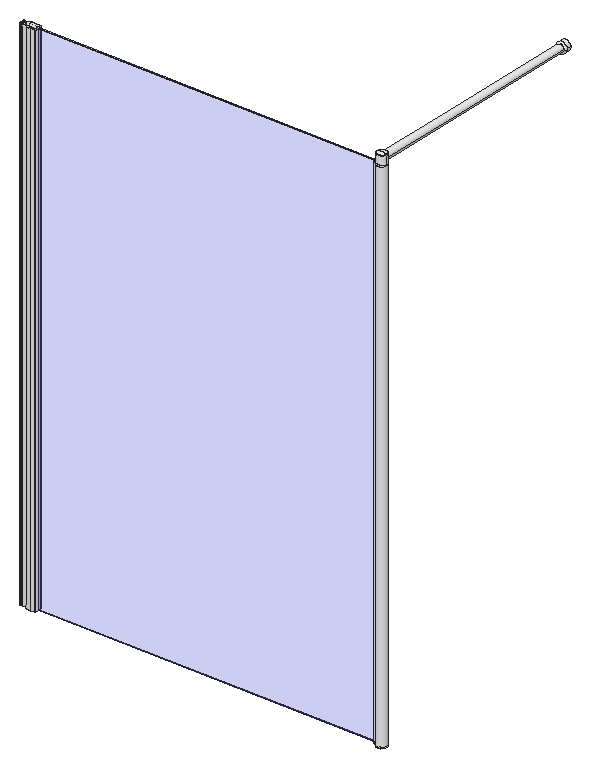
Revit family "FUN2", category Plumbing Fixtures, Revit 2015
Parameters (values of type "1400")
  URL = "http://www.sanswiss.com/"
  Type Comments = "WALK IN FUN"
  Seal = Seal
  Model = "FUN2"
  Manufacturer = "SanSwiss"
  Glass = Glass
  Chrome = Chrome - Polished
  Aluminium = Aluminum - Polished
  X = 1400 mm
Types (7, lengths in mm): name | X
  (no name) | 1400
  1200 | 1200
  1400 | 1400
  800 | 800
  900 | 900
  1000 | 1000
  700 | 700
Reference planes
  plane 1 "Center (Front/Back)": y = 0
  plane 2: z = 0
  plane 3 "Center (Left/Right)": x = 0
  plane 4 "back": y = 700
  plane 5 "left": x = -1400
  plane 6: z = 2470
  plane 7 "STABILISER HEAD": z = 2445
  plane 8 "stabiliser": y = 24.44
  plane 9: x = -48.944
  plane 10: y = 57.435
Forms (mm)
  Sweep 1, solid, material "Chrome - Polished" <- "Chrome"
    path origin (0, 0, 0) x (1, 0, 0) y (0, 0, 1)
      loop
        line (0, 1998.3) -> (0, 2002.6)
    profile origin (0, 0, 2000.45) x (-1, 0, 0) y (0, -1, 0)
      loop
        circle (21.263, -24.353) r 15
      loop
        line (50.263, -28.142) -> (50.263, -20.553)
        arc (50.263, -20.553) -> (50.025, -19.979) -> (49.451, -19.742) r 0.811
        line (49.451, -19.742) -> (45.728, -19.742)
        arc (45.728, -19.742) -> (40.803, -18.444) -> (37.157, -14.89) r 9.996
        arc (37.157, -14.89) -> (2.826, -24.886) -> (37.632, -33.076) r 18.486
        arc (37.632, -33.076) -> (41.19, -30.04) -> (45.739, -28.953) r 10.007
        line (45.739, -28.953) -> (49.452, -28.953)
        arc (49.452, -28.953) -> (50.025, -28.715) -> (50.263, -28.142) r 0.811
  Sweep 2, solid, material "Aluminum - Polished" <- "Aluminium"
    path origin (0, 0, 0) x (1, 0, 0) y (0, 0, 1)
      loop
        line (-1400, 1) -> (-1400, 2000.5)
    profile origin (-1400, 0, 1000.75) x (-1, 0, 0) y (0, -1, 0)
      loop
        line (-62.652, -28.164) -> (-62.652, -35.564)
        arc (-62.652, -35.564) -> (-62.212, -36.625) -> (-61.152, -37.064) r 1.5
        line (-61.152, -37.064) -> (-27.478, -37.064)
        arc (-27.478, -37.064) -> (-25.133, -36.78) -> (-22.925, -35.945) r 9.817
        arc (-22.925, -35.945) -> (-22.734, -35.033) -> (-23.54, -34.564) r 0.796
        line (-23.54, -34.564) -> (-23.54, -16.564)
        arc (-23.54, -16.564) -> (-22.748, -16.121) -> (-22.823, -15.217) r 0.838
        arc (-22.823, -15.217) -> (-32.705, -11.003) -> (-43.352, -9.564) r 40.103
        line (-43.352, -9.564) -> (-61.152, -9.564)
        arc (-61.152, -9.564) -> (-62.212, -10.004) -> (-62.652, -11.064) r 1.5
        line (-62.652, -11.064) -> (-62.652, -21.364) -> (-54.452, -21.364) -> (-54.452, -28.164) -> (-62.652, -28.164)
  Sweep 3, solid, material "Chrome - Polished" <- "Chrome"
    path origin (0, 0, 0) x (1, 0, 0) y (0, 0, 1)
      loop
        line (-1400, 2004) -> (-1400, 2000.5)
    profile origin (-1400, 0, 2002.25) x (0, -1, 0) y (1, 0, 0)
      loop
        line (-11.064, 62.652) -> (-35.564, 62.652)
        arc (-35.564, 62.652) -> (-36.625, 62.212) -> (-37.064, 61.152) r 1.5
        line (-37.064, 61.152) -> (-37.064, 27.478)
        arc (-37.064, 27.478) -> (-36.356, 23.781) -> (-34.332, 20.609) r 9.999
        arc (-34.332, 20.609) -> (-24.336, 16.921) -> (-15.347, 22.64) r 11.998
        arc (-15.347, 22.64) -> (-11.039, 32.6) -> (-9.564, 43.352) r 40.036
        line (-9.564, 43.352) -> (-9.564, 61.152)
        arc (-9.564, 61.152) -> (-10.004, 62.212) -> (-11.064, 62.652) r 1.5
  Sweep 4, solid, material "Aluminum - Polished" <- "Aluminium"
    path origin (0, 0, 0) x (1, 0, 0) y (0, 0, 1)
      loop
        line (0, 1998.3) -> (0, 4.3)
    profile origin (0, 0, 1001.3) x (0, -1, 0) y (1, 0, 0)
      loop
        arc (-28.975, -49.593) -> (-28.169, -50.399) -> (-27.363, -49.593) r 0.806
        line (-27.363, -49.593) -> (-27.975, -48.72) -> (-27.485, -48.02) -> (-27.975, -47.321) -> (-27.453, -46.7) -> (-27.975, -45.956) -> (-27.466, -45.35) -> (-27.988, -42.892) -> (-20.69, -42.892) -> (-21.363, -45.405) -> (-20.775, -45.993) -> (-21.249, -46.67) -> (-20.775, -47.347) -> (-21.235, -48.005) -> (-20.775, -48.663) -> (-21.363, -49.605)
        arc (-21.363, -49.605) -> (-20.563, -50.405) -> (-19.763, -49.605) r 0.8
        line (-19.763, -49.605) -> (-19.763, -45.869)
        arc (-19.763, -45.869) -> (-18.466, -40.944) -> (-14.911, -37.298) r 9.996
        arc (-14.911, -37.298) -> (-24.907, -2.967) -> (-33.097, -37.773) r 18.486
        arc (-33.097, -37.773) -> (-30.062, -41.331) -> (-28.975, -45.88) r 10.007
        line (-28.975, -45.88) -> (-28.975, -49.593)
  Sweep 5, solid, material "Chrome - Polished" <- "Chrome"
    path origin (0, 0, 0) x (1, 0, 0) y (0, 0, 1)
      loop
        line (0, 4.3) -> (0, 0)
    profile origin (0, 0, 2.15) x (0, -1, 0) y (1, 0, 0)
      loop
        circle (-24.348, -21.292) r 15.002
      loop
        arc (-33.076, -37.661) -> (-30.04, -41.219) -> (-28.953, -45.768) r 10.007
        line (-28.953, -45.768) -> (-28.953, -49.481)
        arc (-28.953, -49.481) -> (-28.715, -50.054) -> (-28.142, -50.292) r 0.811
        line (-28.142, -50.292) -> (-20.553, -50.292)
        arc (-20.553, -50.292) -> (-19.979, -50.054) -> (-19.742, -49.48) r 0.811
        line (-19.742, -49.48) -> (-19.742, -45.756)
        arc (-19.742, -45.756) -> (-18.444, -40.832) -> (-14.89, -37.186) r 9.996
        arc (-14.89, -37.186) -> (-24.886, -2.855) -> (-33.076, -37.661) r 18.486
  Extrusion 6, solid, material "Glass" <- "Glass"
    sketch origin (0, 1.323, 0) x (1, 0, 0) y (0, 1, 0)
      loop
        line (-42.892, 26) -> (-1362.6, 26) -> (-1362.6, 20) -> (-42.892, 20) -> (-42.892, 26)
    from 1.5 to 2000.5
  Sweep 7, solid, material "Chrome - Polished" <- "Chrome"
    path origin (0, 24.44, 0) x (-1, 0, 0) y (0, 0, 1)
      loop
        line (1400, 2001) -> (1400, 1999.5)
    profile origin (-1400, 24.44, 2000.25) x (0, 1, 0) y (-1, 0, 0)
      loop
        line (-4.276, 1.065) -> (-6.876, 1.065)
        arc (-6.876, 1.065) -> (-7.583, 0.772) -> (-7.876, 0.065) r 1
        line (-7.876, 0.065) -> (-7.876, -26.557) -> (10.124, -26.557) -> (10.124, 0.065)
        arc (10.124, 0.065) -> (9.831, 0.772) -> (9.124, 1.065) r 1
        line (9.124, 1.065) -> (6.524, 1.065) -> (6.524, -6.135)
        arc (6.524, -6.135) -> (5.938, -7.55) -> (4.524, -8.135) r 2
        line (4.524, -8.135) -> (-2.276, -8.135)
        arc (-2.276, -8.135) -> (-3.69, -7.55) -> (-4.276, -6.135) r 2
        line (-4.276, -6.135) -> (-4.276, 1.065)
  Sweep 8, solid, material "Aluminum - Polished" <- "Aluminium"
    path origin (0, 24.44, 0) x (-1, 0, 0) y (0, 0, 1)
      loop
        line (1400, 1999.5) -> (1400, 1.5)
    profile origin (-1400, 24.44, 1000.5) x (0, 1, 0) y (-1, 0, 0)
      loop
        arc (-7.876, -41.435) -> (-7.641, -42.241) -> (-7.01, -42.795) r 1.5
        line (-7.01, -42.795) -> (-4.876, -43.79) -> (-4.876, -41.476) -> (-6.376, -41.476) -> (-6.376, -1.476) -> (-4.976, -1.476)
        arc (-4.976, -1.476) -> (-3.896, -1.115) -> (-3.251, -0.176) r 1.795
        line (-3.251, -0.176) -> (5.56, -0.176)
        arc (5.56, -0.176) -> (6.168, -1.112) -> (7.224, -1.476) r 1.715
        line (7.224, -1.476) -> (8.624, -1.476) -> (8.624, -41.476) -> (7.124, -41.476) -> (7.124, -43.79) -> (9.369, -42.743)
        arc (9.369, -42.743) -> (9.922, -42.19) -> (10.124, -41.435) r 1.51
        line (10.124, -41.435) -> (10.124, 1.438) -> (7.024, -0.008) -> (7.024, 1.324) -> (-4.776, 1.324) -> (-4.776, -0.008) -> (-7.876, 1.438) -> (-7.876, -41.435)
Dimensions and locks
  plane 1 "Center (Front/Back)" to plane 4 "back" = 700 mm
  "X": plane 5 "left" to plane 3 "Center (Left/Right)"
  plane 6 to level = 2470 mm
  plane 6 to plane 7 "STABILISER HEAD" = 25 mm
  aligned and locked: level to plane 2
Automatic sketch dimensions
  Sweep 1 sketch curve to plane 3 "Center (Left/Right)" = 0 mm
  level to Sweep 1 sketch curve = 1998.3 mm
  Sweep 1 sketch curve to Sweep 1 sketch curve = 4.3 mm
  Sweep 2 sketch curve to plane 5 "left" = 0 mm
  level to Sweep 2 sketch curve = 1 mm
  level to Sweep 2 sketch curve = 2000.5 mm
  Sweep 3 sketch curve to plane 5 "left" = 0 mm
  level to Sweep 3 sketch curve = 2000.5 mm
  Sweep 3 sketch curve to Sweep 3 sketch curve = 3.5 mm
  Sweep 4 sketch curve to plane 3 "Center (Left/Right)" = 0 mm
  level to Sweep 4 sketch curve = 4.3 mm
  level to Sweep 4 sketch curve = 1998.3 mm
  Sweep 5 sketch curve to plane 3 "Center (Left/Right)" = 0 mm
  Sweep 5 sketch curve to level = 0 mm
  level to Sweep 5 sketch curve = 4.3 mm
  plane 5 "left" to Extrusion 6 sketch curve = 37.4 mm
  Extrusion 6 sketch curve to plane 1 "Center (Front/Back)" = 21.323 mm
  Extrusion 6 sketch curve to plane 3 "Center (Left/Right)" = 42.892 mm
  Extrusion 6 sketch curve to Extrusion 6 sketch curve = 6 mm
  Sweep 1 sketch curve to profile plane = 21.263 mm
  Sweep 1 sketch curve to Sweep 1 sketch curve = 0.044 mm
  Sweep 1 sketch curve to Sweep 1 sketch curve = 24.42 mm
  Sweep 1 sketch curve to plane 1 "Center (Front/Back)" = 9.746 mm
  Sweep 1 sketch curve to Sweep 1 sketch curve = 0.011 mm
  Sweep 1 sketch curve to Sweep 1 sketch curve = 3.724 mm
  Sweep 1 sketch curve to Sweep 1 sketch curve = 3.713 mm
  Sweep 1 sketch curve to Sweep 1 sketch curve = 0.811 mm
  Sweep 1 sketch curve to Sweep 1 sketch curve = 9.996 mm
  Sweep 1 sketch curve to plane 1 "Center (Front/Back)" = 24.353 mm
  Sweep 1 sketch curve to Sweep 1 sketch curve = 0.05 mm
  Sweep 1 sketch curve to Sweep 1 sketch curve = 7.589 mm
  Sweep 1 sketch curve to Sweep 1 sketch curve = 10.007 mm
  Sweep 1 sketch curve to Sweep 1 sketch curve = 8.107 mm
  Sweep 1 sketch curve to Sweep 1 sketch curve = 0 mm
  Sweep 4 sketch curve to plane 1 "Center (Front/Back)" = 38.982 mm
  Sweep 4 sketch curve to Sweep 4 sketch curve = 10.007 mm
  Sweep 4 sketch curve to Sweep 4 sketch curve = 0.806 mm
  Sweep 4 sketch curve to Sweep 4 sketch curve = 0.986 mm
  Sweep 4 sketch curve to Sweep 4 sketch curve = 0.194 mm
  Sweep 4 sketch curve to Sweep 4 sketch curve = 0 mm  (x3)
  Sweep 4 sketch curve to Sweep 4 sketch curve = 1 mm
  Sweep 4 sketch curve to Sweep 4 sketch curve = 0.49 mm
  Sweep 4 sketch curve to Sweep 4 sketch curve = 0.509 mm
  Sweep 4 sketch curve to Sweep 4 sketch curve = 0.521 mm
  Sweep 4 sketch curve to Sweep 4 sketch curve = 3.564 mm
  Sweep 4 sketch curve to Sweep 4 sketch curve = 6.103 mm
  Sweep 4 sketch curve to Sweep 4 sketch curve = 0.115 mm
  Sweep 4 sketch curve to Sweep 4 sketch curve = 0.013 mm  (x2)
  Sweep 4 sketch curve to Sweep 4 sketch curve = 0.474 mm
  Sweep 4 sketch curve to Sweep 4 sketch curve = 0.461 mm  (x2)
  Sweep 4 sketch curve to Sweep 4 sketch curve = 0.673 mm
  Sweep 4 sketch curve to Sweep 4 sketch curve = 0.8 mm
  Sweep 4 sketch curve to Sweep 4 sketch curve = 1.011 mm
  Sweep 4 sketch curve to plane 1 "Center (Front/Back)" = 9.767 mm
  Sweep 4 sketch curve to Sweep 4 sketch curve = 0.012 mm  (x2)
  Sweep 4 sketch curve to Sweep 4 sketch curve = 0.873 mm
  Sweep 4 sketch curve to Sweep 4 sketch curve = 0.942 mm
  Sweep 4 sketch curve to Sweep 4 sketch curve = 0.699 mm  (x2)
  Sweep 4 sketch curve to Sweep 4 sketch curve = 0.658 mm  (x2)
  Sweep 4 sketch curve to Sweep 4 sketch curve = 0.621 mm
  Sweep 4 sketch curve to Sweep 4 sketch curve = 0.677 mm  (x2)
  Sweep 4 sketch curve to Sweep 4 sketch curve = 0.744 mm
  Sweep 4 sketch curve to Sweep 4 sketch curve = 0.076 mm
  Sweep 4 sketch curve to Sweep 4 sketch curve = 0.125 mm
  Sweep 4 sketch curve to Sweep 4 sketch curve = 0.589 mm
  Sweep 4 sketch curve to Sweep 4 sketch curve = 0.606 mm
  Sweep 4 sketch curve to Sweep 4 sketch curve = 2.457 mm
  profile plane to Sweep 4 sketch curve = 21.447 mm
  Sweep 4 sketch curve to Sweep 4 sketch curve = 5.109 mm
  Sweep 5 sketch curve to plane 1 "Center (Front/Back)" = 38.96 mm
  Sweep 5 sketch curve to Sweep 5 sketch curve = 10.007 mm
  Sweep 5 sketch curve to Sweep 5 sketch curve = 0.811 mm  (x2)
  Sweep 5 sketch curve to plane 1 "Center (Front/Back)" = 24.403 mm
  Sweep 5 sketch curve to Sweep 5 sketch curve = 0.055 mm
  Sweep 5 sketch curve to Sweep 5 sketch curve = 7.589 mm
  Sweep 5 sketch curve to plane 1 "Center (Front/Back)" = 9.746 mm
  Sweep 5 sketch curve to Sweep 5 sketch curve = 3.713 mm
  Sweep 5 sketch curve to Sweep 5 sketch curve = 3.724 mm
  Sweep 5 sketch curve to Sweep 5 sketch curve = 0.013 mm
  profile plane to Sweep 5 sketch curve = 21.335 mm
  Sweep 5 sketch curve to Sweep 5 sketch curve = 0.044 mm
  Sweep 5 sketch curve to Sweep 5 sketch curve = 4.123 mm
  Sweep 5 sketch curve to Sweep 5 sketch curve = 0 mm
  Sweep 3 sketch curve to profile plane = 43.366 mm
  Sweep 3 sketch curve to plane 1 "Center (Front/Back)" = 49.6 mm
  Sweep 3 sketch curve to profile plane = 27.478 mm
  Sweep 3 sketch curve to Sweep 3 sketch curve = 12.536 mm
  Sweep 3 sketch curve to Sweep 3 sketch curve = 1.5 mm  (x2)
  Sweep 3 sketch curve to Sweep 3 sketch curve = 9.999 mm
  Sweep 3 sketch curve to Sweep 3 sketch curve = 1.453 mm
  Sweep 3 sketch curve to Sweep 3 sketch curve = 24.5 mm
  Sweep 3 sketch curve to Sweep 3 sketch curve = 1.374 mm
  Sweep 3 sketch curve to Sweep 3 sketch curve = 14.5 mm
  Sweep 3 sketch curve to Sweep 3 sketch curve = 17.786 mm
  Sweep 3 sketch curve to Sweep 3 sketch curve = 0 mm
  Sweep 7 sketch curve to plane 5 "left" = 0 mm
  Sweep 7 sketch curve to plane 7 "STABILISER HEAD" = 445.5 mm
  Sweep 7 sketch curve to Sweep 7 sketch curve = 1.5 mm
  Sweep 7 sketch curve to plane 8 "stabiliser" = 7.876 mm
  Sweep 7 sketch curve to Sweep 7 sketch curve = 1 mm  (x2)
  Sweep 7 sketch curve to Sweep 7 sketch curve = 2.6 mm  (x2)
  Sweep 7 sketch curve to Sweep 7 sketch curve = 2 mm  (x2)
  Sweep 7 sketch curve to Sweep 7 sketch curve = 6.8 mm
  profile plane to Sweep 7 sketch curve = 26.557 mm
  Sweep 7 sketch curve to Sweep 7 sketch curve = 18.421 mm
  Sweep 7 sketch curve to Sweep 7 sketch curve = 6.2 mm  (x2)
  Sweep 8 sketch curve to plane 5 "left" = 0 mm
  level to Sweep 8 sketch curve = 1.5 mm
  Sweep 8 sketch curve to plane 7 "STABILISER HEAD" = 445.5 mm
  Sweep 8 sketch curve to profile plane = 1.438 mm  (x2)
  Sweep 8 sketch curve to plane 8 "stabiliser" = 7.876 mm
  Sweep 8 sketch curve to Sweep 8 sketch curve = 0.866 mm
  Sweep 8 sketch curve to Sweep 8 sketch curve = 0.634 mm
  Sweep 8 sketch curve to Sweep 8 sketch curve = 0 mm  (x2)
  Sweep 8 sketch curve to Sweep 8 sketch curve = 1.4 mm
  Sweep 8 sketch curve to Sweep 8 sketch curve = 1.5 mm
  Sweep 8 sketch curve to Sweep 8 sketch curve = 0.2 mm  (x2)
  Sweep 8 sketch curve to Sweep 8 sketch curve = 1.525 mm
  Sweep 8 sketch curve to Sweep 8 sketch curve = 8.811 mm
  Sweep 8 sketch curve to Sweep 8 sketch curve = 1.464 mm
  Sweep 8 sketch curve to Sweep 8 sketch curve = 12 mm
  Sweep 8 sketch curve to Sweep 8 sketch curve = 1.49 mm
  Sweep 8 sketch curve to Sweep 8 sketch curve = 0.01 mm
  Sweep 8 sketch curve to Sweep 8 sketch curve = 0.745 mm
  Sweep 8 sketch curve to Sweep 8 sketch curve = 3.1 mm
  Sweep 8 sketch curve to profile plane = 1.324 mm
  Sweep 8 sketch curve to Sweep 8 sketch curve = 1.005 mm
  Sweep 8 sketch curve to Sweep 8 sketch curve = 1.085 mm
  Sweep 8 sketch curve to Sweep 8 sketch curve = 0.326 mm
  Sweep 8 sketch curve to Sweep 8 sketch curve = 0.246 mm
  Sweep 8 sketch curve to Sweep 8 sketch curve = 0.168 mm
  Sweep 8 sketch curve to Sweep 8 sketch curve = 39.959 mm
  Sweep 8 sketch curve to Sweep 8 sketch curve = 0.041 mm  (x2)
  Sweep 8 sketch curve to Sweep 8 sketch curve = 2.314 mm  (x2)
  profile plane to Sweep 2 sketch curve = 62.652 mm
  Sweep 2 sketch curve to Sweep 2 sketch curve = 0 mm
  Sweep 2 sketch curve to Sweep 2 sketch curve = 1.5 mm  (x2)
  Sweep 2 sketch curve to Sweep 2 sketch curve = 8.2 mm
  Sweep 2 sketch curve to Sweep 2 sketch curve = 11.1 mm
  profile plane to Sweep 2 sketch curve = 27.478 mm
  profile plane to Sweep 2 sketch curve = 23.54 mm
  Sweep 2 sketch curve to Sweep 2 sketch curve = 0.051 mm
  Sweep 2 sketch curve to Sweep 2 sketch curve = 0.078 mm
  Sweep 2 sketch curve to plane 1 "Center (Front/Back)" = 49.668 mm
  Sweep 2 sketch curve to Sweep 2 sketch curve = 12.603 mm
  Sweep 2 sketch curve to Sweep 2 sketch curve = 1.708 mm
  Sweep 2 sketch curve to Sweep 2 sketch curve = 0.792 mm
  Sweep 2 sketch curve to Sweep 2 sketch curve = 7.4 mm
  Sweep 2 sketch curve to Sweep 2 sketch curve = 7.317 mm
  Sweep 2 sketch curve to Sweep 2 sketch curve = 6.8 mm
  Sweep 2 sketch curve to Sweep 2 sketch curve = 10.683 mm
  Sweep 2 sketch curve to Sweep 2 sketch curve = 0.837 mm
  Sweep 2 sketch curve to Sweep 2 sketch curve = 10.3 mm
  radius of Sweep 1 sketch curve = 15 mm
  radius of Sweep 5 sketch curve = 15.002 mm
Nested families
  nested 1: "stabiliser" at (1.44, 4.243, 0), type "stabiliser"
    with length 900 mm
Definition of nested family "stabiliser"
  Parameters (values of type "stabiliser")
    Chrome = none
    Aluminium = none
    length [instance] = 900 mm
    URL = "http://www.sanswiss.com/"
    Type Comments = ""
    Model = ""
    Manufacturer = "SanSwiss"
  Reference planes
    plane 1 "Center (Front/Back)": y = 0
    plane 2: z = 0
    plane 3 "Center (Left/Right)": x = 0
    plane 4 "Back": y = 900
    plane 5 "Left": x = -1200
    plane 6 "bar back": y = 875
    plane 7 "stabiliser axis": z = 2018.156
    plane 8 "sttt": y = 20.175
  Forms (mm)
    Revolve 1, solid, material <- "Chrome"
      sketch origin (0, 0, 2018.156) x (0, -1, 0) y (1, 0, 0)
        loop
          line (-900, -22.663) -> (-875, -22.663) -> (-875, -7.833)
          arc (-875, -7.833) -> (-878.58, -4.435) -> (-883.359, -3.2) r 9.857
          line (-883.359, -3.2) -> (-900, -3.2) -> (-900, -22.663)
        axis (-875, -22.663) -> (-900, -22.663)
      angle from 0 to 360
    Extrusion 2, solid, material <- "Aluminium"
      sketch origin (0, 346, 0) x (1, 0, 0) y (0, 0, 1)
        loop
          circle (-22.619, 2018.156) r 13.658
      from -529 to 321.225
    Revolve 3, solid, material <- "Chrome"
      sketch origin (-45.162, 20.175, 0.011) x (-1, 0, 0) y (0, 0, 1)
        loop
          line (-22.619, 2002.6) -> (-4.119, 2002.6) -> (-4.119, 2033.679)
          arc (-4.119, 2033.679) -> (-4.481, 2034.825) -> (-5.434, 2035.557) r 1.999
          arc (-5.434, 2035.557) -> (-13.894, 2037.811) -> (-22.619, 2038.537) r 49.432
          line (-22.619, 2038.537) -> (-22.619, 2002.6)
        axis (-22.619, 2038.537) -> (-22.619, 2002.6)
      angle from 0 to 360
    Extrusion 4, void
      sketch origin (900, 0, 0) x (0, 1, 0) y (0, 0, 1)
        loop
          arc (38.658, 2032.768) -> (32.697, 2019.083) -> (38.658, 2005.399) r 18.688
          line (38.658, 2005.399) -> (38.658, 2032.768)
      from -1950 to 10
  Cuts and joins
    Extrusion 4 cuts Revolve 3
  Dimensions and locks
    "length": plane 4 "Back" to plane 1 "Center (Front/Back)"
    locked: plane 4 "Back" to plane 6 "bar back" at 25
    aligned and locked: level to plane 2
  Automatic sketch dimensions
    Revolve 1 sketch curve to plane 4 "Back" = 0 mm  (x2)
    plane 6 "bar back" to Revolve 1 sketch curve = 0 mm  (x2)
    Revolve 1 sketch curve to plane 3 "Center (Left/Right)" = 3.2 mm
    Revolve 1 sketch curve to plane 6 "bar back" = 8.359 mm
    Revolve 1 sketch curve to plane 3 "Center (Left/Right)" = 7.833 mm
    Revolve 1 sketch curve to Revolve 1 sketch curve = 9.607 mm
    Revolve 1 sketch curve to Revolve 1 sketch curve = 0 mm
    Extrusion 2 sketch curve to plane 7 "stabiliser axis" = 0 mm
    Extrusion 2 sketch curve to plane 3 "Center (Left/Right)" = 22.619 mm
    Revolve 3 sketch curve to plane 3 "Center (Left/Right)" = 22.543 mm
    Revolve 3 sketch curve to Revolve 3 sketch curve = 0.278 mm
    Revolve 3 sketch curve to plane 3 "Center (Left/Right)" = 39.044 mm
    Revolve 3 sketch curve to plane 3 "Center (Left/Right)" = 41.043 mm
    Revolve 3 sketch curve to plane 7 "stabiliser axis" = 29.039 mm
    Revolve 3 sketch curve to Revolve 3 sketch curve = 13.494 mm
    plane 7 "stabiliser axis" to Revolve 3 sketch curve = 15.534 mm
    Revolve 3 sketch curve to Revolve 3 sketch curve = 4.858 mm
    Revolve 3 sketch curve to Revolve 3 sketch curve = 0 mm  (x3)
    plane 7 "stabiliser axis" to Extrusion 4 sketch curve = 0.927 mm
    plane 8 "sttt" to Extrusion 4 sketch curve = 31.21 mm
    plane 8 "sttt" to Extrusion 4 sketch curve = 18.483 mm
    Extrusion 4 sketch curve to plane 7 "stabiliser axis" = 12.757 mm
    radius of Extrusion 2 sketch curve = 13.658 mm
